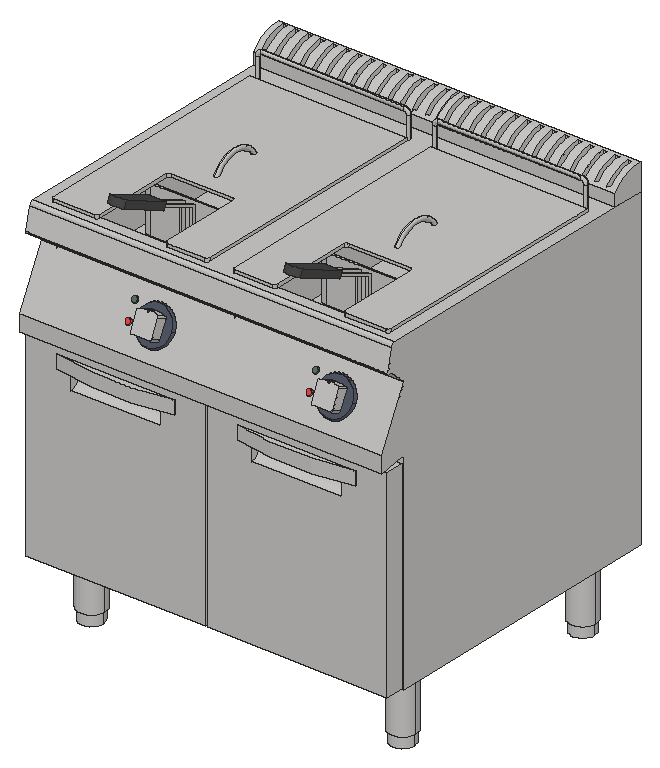
Revit family "QF_ZANUSSI_372082_Z7FREH2GF0", category Specialty Equipment, Revit 2018
Family settings
  Round Connector Dimension = Use Diameter
  Part Type = Normal
  Work Plane-Based = No
  Always vertical = Yes
  Cut with Voids When Loaded = No
  Shared = No
  Room Calculation Point = No
Parameters
  Width = 800 mm  # constant formula
  Weight in Pounds = 179  # constant formula
  Weight = 0.00 kg
  Watts = 20000 W  # constant formula
  Volts = 400 V  # constant formula
  URL Manufacturer = "http://www.zanussiprofessional.com"
  URL Cutsheet = "www.electrolux.com/foodservice"
  URL = "http://www.zanussiprofessional.com"
  Type Mark [instance] = ""
  Steam Supply Size = 0"
  Steam Supply Minimum Pressure = 0.00 psi
  Steam Supply Maximum Pressure = 0.00 psi
  Steam Pounds per Hour = 0
  Status [instance] = ""
  Specification by User [instance] = ""
  Specification by Manufacturer = ""
  Show Logo [instance] = yes
  Show Clearance [instance] = yes
  Serial Number = ""
  Seismic Rating = ""
  SMACNA No = ""
  Revision Code [instance] = ""
  Refrigeration Suction Line Size = 0"
  Refrigeration Liquid Line Size = 0"
  Refrigerant Compressor Remote = yes
  Phase = 3  # constant formula
  Omniclass Number and Title = ""
  Number of Poles [instance] = 1
  NAFEM Spec ID Number = ""
  Model = "Z7FREH2GF0"
  Min Ckt Ampacity = 0 A
  Max Overcurrent Protection = 0 A
  Masterspec = ""
  Manufacturer = "Zanussi"
  Length Actual = 800 mm  # constant formula
  Item Number [instance] = "372082"
  Installed By [instance] = ""
  Identify Quantity as Lot [instance] = yes
  Hot Water Size = 0"
  Height Actual = 850 mm  # constant formula
  Height = 333 mm  # constant formula
  HP = "26.8 HP"
  Gas Size = 0"
  Gas KW = 0
  Gas Input Pressure = 0.0 Btu/h
  Furnished By [instance] = ""
  Foodservice Equipment Identifier [instance] = yes
  FL Amps = if(Phase = 3, Watts / (Volts * 1.73), Watts / Volts)  # 28.9017 A
  Electrical Remarks [instance] = "400 V/3N ph/50/60 Hz"  # constant formula
  Electric Connection Type [instance] = ""
  Elec Conn RI Height [instance] = 0 mm
  Elec Conn Connection Height [instance] = 0 mm
  Direct Waste Size = 0"
  Description = "2X15 LITRE ELECTRIC FRYER 800 MM"
  Depth Actual = 700 mm  # constant formula
  Depth = 715 mm  # constant formula
  Cycle = if([60 Hertz Option], 60 Hz, 50 Hz)  # 60 Hz
  Conn Plug = ""
  Conn Conduit = yes
  Condensate Return Size = 0"
  Compressed Air Volume = 0 GPM
  Compressed Air Size = 0"
  Compressed Air Pressure = 0.00 psi
  Cold Water Size = 0"
  CSI MasterFormat = ""
  CSI Master Format = ""
  Base Height [instance] = 150 mm  # constant formula
  Apparent Power = if(Phase = 3, Volts * FL Amps * 1.73, Volts * FL Amps)  # 20000 VA
  Accessory = yes
  60 Hertz Option = not([50 Hertz Option])  # yes
  50 Hertz Option = no
Reference planes
  plane 1 "BACK": y = 0
  plane 2: z = 0
  plane 3 "LEFT": x = 0
  plane 4 "RIGHT": x = 800
  plane 5 "FRONT": y = -715
  plane 6 "TOP": z = 908.238
  plane 7 "Center Y": x = 400
  plane 8 "Center X": y = -357.5
  plane 9 "BASE": z = 600.238
  plane 10 "TOP A": z = 850.238
  plane 11: y = -597.884
  plane 12: y = -147.637
  plane 13: z = 938.237
  plane 14: z = 150
Forms (mm)
  Extrusion 1, solid, material "QF_Finishes_Stainless Steel"
    sketch origin (0, 0, 0) x (0, 1, 0) y (0, 0, 1)
      loop
        line (0, 850) -> (-679.358, 850)
        arc (-679.358, 850) -> (-684.643, 847.811) -> (-686.833, 842.526) r 7.474
        line (-686.833, 842.526) -> (-699.884, 797.011)
        arc (-699.884, 797.011) -> (-699.396, 794.379) -> (-697, 793.184) r 3
        line (-697, 793.184) -> (-686.802, 793.184) -> (-654.982, 761.364) -> (-715, 640.508) -> (-715, 605.508) -> (-658.645, 613.428)
        arc (-658.645, 613.428) -> (-656.101, 612.674) -> (-655, 610.259) r 3.2
        line (-655, 610.259) -> (-655, 150) -> (0, 150) -> (0, 850)
      loop
        line (-700, 600) -> (-700, 155) -> (-660, 155) -> (-660, 600) -> (-700, 600)
    from 0 to 800
  Extrusion 2, solid, material "QF_Finishes_Stainless Steel"
    sketch origin (0, 0, 0) x (0, 1, 0) y (0, 0, 1)
      loop
        line (0, 850.237) -> (0, 908.237)
        arc (0, 908.237) -> (-38.715, 900.058) -> (-69.85, 875.637) r 87.358
        line (-69.85, 875.637) -> (-69.85, 850.237) -> (0, 850.237)
    from 0 to 800
  Extrusion 3, void
    sketch origin (0, 0, 850.238) x (-1, 0, 0) y (0, -1, 0)
      loop
        line (-33.338, 147.762) -> (-33.338, 654.023) -> (-373.012, 654.023) -> (-373.012, 147.762) -> (-33.338, 147.762)
      loop
        line (-766.662, 654.023) -> (-766.662, 147.762) -> (-426.988, 147.762) -> (-426.988, 654.023) -> (-766.662, 654.023)
    from 0 to -152.4
  Extrusion 4, void
    sketch origin (0, 0, 850.238) x (-1, 0, 0) y (0, -1, 0)
      loop
        line (-13.453, 6.761) -> (-13.453, 63.911) -> (-22.749, 63.911) -> (-22.749, 6.761) -> (-13.453, 6.761)
    from 25.4 to 63.5
  Extrusion 5, solid, material "QF_Finishes_Clearance", visible <- "Show Clearance", detail levels coarse
    sketch origin (0, 0, 0) x (1, 0, 0) y (0, 1, 0)
      loop
        line (0, -715) -> (0, 0) -> (800, 0) -> (800, -715) -> (950.019, -715) -> (950.019, 150.019) -> (-150.019, 150.019) -> (-150.019, -715) -> (0, -715)
    from 0 to 908.237
  Extrusion 6, solid, material "QF_Finishes_Stainless Steel"
    sketch origin (-77.88, -4572, 850.238) x (-1, 0, 0) y (0, -1, 0)
      loop
        arc (-104.867, -3916.238) -> (-106.727, -3911.748) -> (-111.217, -3909.888) r 6.35
        line (-111.217, -3909.888) -> (-200.117, -3909.888)
        arc (-200.117, -3909.888) -> (-204.607, -3911.748) -> (-206.467, -3916.238) r 6.35
        line (-206.467, -3916.238) -> (-206.467, -4098.488)
        arc (-206.467, -4098.488) -> (-208.327, -4102.979) -> (-212.817, -4104.838) r 6.35
        line (-212.817, -4104.838) -> (-349.292, -4104.838)
        arc (-349.292, -4104.838) -> (-353.782, -4102.979) -> (-355.642, -4098.488) r 6.35
        line (-355.642, -4098.488) -> (-355.642, -3916.238)
        arc (-355.642, -3916.238) -> (-357.502, -3911.748) -> (-361.992, -3909.888) r 6.35
        line (-361.992, -3909.888) -> (-444.542, -3909.888)
        arc (-444.542, -3909.888) -> (-449.032, -3911.748) -> (-450.892, -3916.238) r 6.35
        line (-450.892, -3916.238) -> (-450.892, -4459.163) -> (-104.867, -4459.163) -> (-104.867, -3916.238)
      loop
        line (-850.892, -3916.238) -> (-850.892, -4459.163) -> (-504.867, -4459.163) -> (-504.867, -3916.238)
        arc (-504.867, -3916.238) -> (-506.727, -3911.748) -> (-511.217, -3909.888) r 6.35
        line (-511.217, -3909.888) -> (-593.767, -3909.888)
        arc (-593.767, -3909.888) -> (-598.257, -3911.748) -> (-600.117, -3916.238) r 6.35
        line (-600.117, -3916.238) -> (-600.117, -4098.488)
        arc (-600.117, -4098.488) -> (-601.977, -4102.979) -> (-606.467, -4104.838) r 6.35
        line (-606.467, -4104.838) -> (-742.942, -4104.838)
        arc (-742.942, -4104.838) -> (-747.432, -4102.979) -> (-749.292, -4098.488) r 6.35
        line (-749.292, -4098.488) -> (-749.292, -3916.238)
        arc (-749.292, -3916.238) -> (-751.152, -3911.748) -> (-755.642, -3909.888) r 6.35
        line (-755.642, -3909.888) -> (-844.542, -3909.888)
        arc (-844.542, -3909.888) -> (-849.032, -3911.748) -> (-850.892, -3916.238) r 6.35
    from 0 to 6.35
  Sweep 7, solid, material "QF_Finishes_Stainless Steel"
    path origin (0, 36.513, 0) x (1, 0, 0) y (0, 0, 1)
      loop
        line (39.688, 850.238) -> (39.688, 898.713)
        arc (39.688, 898.713) -> (41.547, 903.203) -> (46.038, 905.063) r 6.35
        line (46.038, 905.063) -> (362.669, 905.063)
        arc (362.669, 905.063) -> (367.16, 903.203) -> (369.019, 898.713) r 6.35
        line (369.019, 898.713) -> (369.019, 850.237)
    profile origin (39.688, 36.513, 874.475) x (-1, 0, 0) y (0, -1, 0)
      loop
        circle (2.09, 140.754) r 3.827
  Extrusion 8, solid, material "QF_Finishes_Black"
    sketch origin (271.462, -708.83, 942.26) x (0, 0.906308, -0.422618) y (-1, 0, 0)
      loop
        line (10.103, 47.37) -> (128.716, 47.37) -> (128.716, 84.605) -> (10.103, 84.605)
        arc (10.103, 84.605) -> (-0.124, 65.987) -> (10.103, 47.37) r 22.059
    from -15.884 to 0
  Extrusion 9, solid, material "QF_Finishes_Stainless Steel"
    sketch origin (271.463, 41.275, 0) x (0, 1, 0) y (0, 0, 1)
      loop
        line (-547.91, 741.238) -> (-547.91, 842.715) -> (-635.463, 883.542) -> (-638.147, 877.787) -> (-554.26, 838.67) -> (-554.26, 741.238) -> (-547.91, 741.238)
    from -80.476 to -74.619
  Extrusion 10, solid, material "QF_Finishes_Stainless Steel"
    sketch origin (139.588, 41.275, 0) x (0, 1, 0) y (0, 0, -1)
      loop
        line (-554.26, -838.67) -> (-638.147, -877.787) -> (-635.463, -883.542) -> (-547.91, -842.715) -> (-547.91, -741.238) -> (-554.26, -741.238) -> (-554.26, -838.67)
    from -80.476 to -74.619
  Sweep 11, solid, material "QF_Finishes_Stainless Steel"
    path origin (200.025, -0.124, 0) x (0, 1, 0) y (0, 0, 1)
      loop
        arc (-315.761, 850.238) -> (-370.2, 884.016) -> (-424.639, 850.238) r 60.757
    profile origin (200.025, -370.324, 884.016) x (0, 0, -1) y (1, 0, 0)
      loop
        circle (0, 0) r 4.353
  Sweep 12, solid, material "QF_Finishes_Stainless Steel"
    path origin (600.075, -0.124, 0) x (0, 1, 0) y (0, 0, -1)
      loop
        arc (-315.761, -850.238) -> (-370.2, -884.016) -> (-424.639, -850.238) r 60.757
    profile origin (600.075, -370.324, 884.016) x (0, 0, 1) y (-1, 0, 0)
      loop
        circle (0, 0) r 4.353
  Extrusion 13, solid, material "QF_Finishes_Black"
    sketch origin (528.637, -708.83, 942.26) x (0, 0.906308, -0.422618) y (-1, 0, 0)
      loop
        arc (10.103, -47.27) -> (-0.124, -65.887) -> (10.103, -84.505) r 22.059
        line (10.103, -84.505) -> (128.716, -84.505) -> (128.716, -47.27) -> (10.103, -47.27)
    from -15.884 to 0
  Extrusion 14, solid, material "QF_Finishes_Mesh"
    sketch origin (0, 0, 850.238) x (-1, 0, 0) y (0, -1, 0)
      loop
        arc (-116.625, 189.135) -> (-98.665, 196.575) -> (-91.225, 214.535) r 25.4
        line (-91.225, 214.535) -> (-91.225, 473.61)
        arc (-91.225, 473.61) -> (-98.665, 491.571) -> (-116.625, 499.01) r 25.4
        line (-116.625, 499.01) -> (-294.375, 499.01)
        arc (-294.375, 499.01) -> (-312.336, 491.571) -> (-319.775, 473.61) r 25.4
        line (-319.775, 473.61) -> (-319.775, 214.535)
        arc (-319.775, 214.535) -> (-312.336, 196.575) -> (-294.375, 189.135) r 25.4
        line (-294.375, 189.135) -> (-116.625, 189.135)
      loop
        arc (-116.625, 192.31) -> (-100.91, 198.82) -> (-94.4, 214.535) r 22.225
        line (-94.4, 214.535) -> (-94.4, 473.61)
        arc (-94.4, 473.61) -> (-100.91, 489.326) -> (-116.625, 495.835) r 22.225
        line (-116.625, 495.835) -> (-294.375, 495.835)
        arc (-294.375, 495.835) -> (-310.091, 489.326) -> (-316.6, 473.61) r 22.225
        line (-316.6, 473.61) -> (-316.6, 214.535)
        arc (-316.6, 214.535) -> (-310.091, 198.82) -> (-294.375, 192.31) r 22.225
        line (-294.375, 192.31) -> (-116.625, 192.31)
      loop
        line (-683.375, 189.135) -> (-505.625, 189.135)
        arc (-505.625, 189.135) -> (-487.664, 196.575) -> (-480.225, 214.535) r 25.4
        line (-480.225, 214.535) -> (-480.225, 473.61)
        arc (-480.225, 473.61) -> (-487.664, 491.571) -> (-505.625, 499.01) r 25.4
        line (-505.625, 499.01) -> (-683.375, 499.01)
        arc (-683.375, 499.01) -> (-701.335, 491.571) -> (-708.775, 473.61) r 25.4
        line (-708.775, 473.61) -> (-708.775, 214.535)
        arc (-708.775, 214.535) -> (-701.335, 196.575) -> (-683.375, 189.135) r 25.4
      loop
        line (-683.375, 192.31) -> (-505.625, 192.31)
        arc (-505.625, 192.31) -> (-489.909, 198.82) -> (-483.4, 214.535) r 22.225
        line (-483.4, 214.535) -> (-483.4, 473.61)
        arc (-483.4, 473.61) -> (-489.909, 489.326) -> (-505.625, 495.835) r 22.225
        line (-505.625, 495.835) -> (-683.375, 495.835)
        arc (-683.375, 495.835) -> (-699.09, 489.326) -> (-705.6, 473.61) r 22.225
        line (-705.6, 473.61) -> (-705.6, 214.535)
        arc (-705.6, 214.535) -> (-699.09, 198.82) -> (-683.375, 192.31) r 22.225
    from -109 to -5.315
  Extrusion 15, solid, material "QF_Finishes_Stainless Steel"
    sketch origin (528.637, 41.275, 0) x (0, 1, 0) y (0, 0, -1)
      loop
        line (-547.91, -741.238) -> (-554.26, -741.238) -> (-554.26, -838.67) -> (-638.147, -877.787) -> (-635.463, -883.542) -> (-547.91, -842.715) -> (-547.91, -741.238)
    from -80.476 to -74.619
  Extrusion 16, solid, material "QF_Finishes_Stainless Steel"
    sketch origin (660.512, 41.275, 0) x (0, 1, 0) y (0, 0, 1)
      loop
        line (-554.26, 838.67) -> (-554.26, 741.238) -> (-547.91, 741.238) -> (-547.91, 842.715) -> (-635.463, 883.542) -> (-638.147, 877.787) -> (-554.26, 838.67)
    from -80.476 to -74.619
  Sweep 17, solid, material "QF_Finishes_Stainless Steel"
    path origin (800.1, 36.513, 0) x (-1, 0, 0) y (0, 0, -1)
      loop
        line (39.788, -850.237) -> (39.788, -898.713)
        arc (39.788, -898.713) -> (41.647, -903.203) -> (46.138, -905.063) r 6.35
        line (46.138, -905.063) -> (362.769, -905.063)
        arc (362.769, -905.063) -> (367.26, -903.203) -> (369.119, -898.713) r 6.35
        line (369.119, -898.713) -> (369.119, -850.237)
    profile origin (760.312, 36.513, 874.475) x (-1, 0, 0) y (0, -1, 0)
      loop
        circle (-2.09, 140.754) r 3.827
  Extrusion 18, void
    sketch origin (361.95, 0, 850.237) x (-1, 0, 0) y (0, -1, 0)
      loop
        line (-13.403, 6.761) -> (-13.403, 63.911) -> (-22.699, 63.911) -> (-22.699, 6.761) -> (-13.403, 6.761)
    from 25.4 to 63.5
  Extrusion 19, void
    sketch origin (27.842, 0, 850.238) x (-1, 0, 0) y (0, -1, 0)
      loop
        line (-13.453, 6.761) -> (-13.453, 63.911) -> (-22.749, 63.911) -> (-22.749, 6.761) -> (-13.453, 6.761)
    from 25.4 to 63.5
  Extrusion 20, void
    sketch origin (55.685, 0, 850.238) x (-1, 0, 0) y (0, -1, 0)
      loop
        line (-13.453, 6.761) -> (-13.453, 63.911) -> (-22.749, 63.911) -> (-22.749, 6.761) -> (-13.453, 6.761)
    from 25.4 to 63.5
  Extrusion 21, void
    sketch origin (83.527, 0, 850.238) x (-1, 0, 0) y (0, -1, 0)
      loop
        line (-13.453, 6.761) -> (-13.453, 63.911) -> (-22.749, 63.911) -> (-22.749, 6.761) -> (-13.453, 6.761)
    from 25.4 to 63.5
  Extrusion 22, void
    sketch origin (111.369, 0, 850.237) x (-1, 0, 0) y (0, -1, 0)
      loop
        line (-13.453, 6.761) -> (-13.453, 63.911) -> (-22.749, 63.911) -> (-22.749, 6.761) -> (-13.453, 6.761)
    from 25.4 to 63.5
  Extrusion 23, void
    sketch origin (139.212, 0, 850.237) x (-1, 0, 0) y (0, -1, 0)
      loop
        line (-13.453, 6.761) -> (-13.453, 63.911) -> (-22.749, 63.911) -> (-22.749, 6.761) -> (-13.453, 6.761)
    from 25.4 to 63.5
  Extrusion 24, void
    sketch origin (167.054, 0, 850.237) x (-1, 0, 0) y (0, -1, 0)
      loop
        line (-13.453, 6.761) -> (-13.453, 63.911) -> (-22.749, 63.911) -> (-22.749, 6.761) -> (-13.453, 6.761)
    from 25.4 to 63.5
  Extrusion 25, void
    sketch origin (194.896, 0, 850.237) x (-1, 0, 0) y (0, -1, 0)
      loop
        line (-13.403, 6.761) -> (-13.403, 63.911) -> (-22.699, 63.911) -> (-22.699, 6.761) -> (-13.403, 6.761)
    from 25.4 to 63.5
  Extrusion 26, void
    sketch origin (222.738, 0, 850.237) x (-1, 0, 0) y (0, -1, 0)
      loop
        line (-13.403, 6.761) -> (-13.403, 63.911) -> (-22.699, 63.911) -> (-22.699, 6.761) -> (-13.403, 6.761)
    from 25.4 to 63.5
  Extrusion 27, void
    sketch origin (250.581, 0, 850.237) x (-1, 0, 0) y (0, -1, 0)
      loop
        line (-13.403, 6.761) -> (-13.403, 63.911) -> (-22.699, 63.911) -> (-22.699, 6.761) -> (-13.403, 6.761)
    from 25.4 to 63.5
  Extrusion 28, void
    sketch origin (278.423, 0, 850.237) x (-1, 0, 0) y (0, -1, 0)
      loop
        line (-13.403, 6.761) -> (-13.403, 63.911) -> (-22.699, 63.911) -> (-22.699, 6.761) -> (-13.403, 6.761)
    from 25.4 to 63.5
  Extrusion 29, void
    sketch origin (306.265, 0, 850.237) x (-1, 0, 0) y (0, -1, 0)
      loop
        line (-13.403, 6.761) -> (-13.403, 63.911) -> (-22.699, 63.911) -> (-22.699, 6.761) -> (-13.403, 6.761)
    from 25.4 to 63.5
  Extrusion 30, void
    sketch origin (334.108, 0, 850.237) x (-1, 0, 0) y (0, -1, 0)
      loop
        line (-13.403, 6.761) -> (-13.403, 63.911) -> (-22.699, 63.911) -> (-22.699, 6.761) -> (-13.403, 6.761)
    from 25.4 to 63.5
  Extrusion 31, void
    sketch origin (800.1, 0, 850.237) x (1, 0, 0) y (0, 1, 0)
      loop
        line (-13.553, -6.761) -> (-22.849, -6.761) -> (-22.849, -63.911) -> (-13.553, -63.911) -> (-13.553, -6.761)
    from 25.4 to 63.5
  Extrusion 32, void
    sketch origin (438.15, 0, 850.237) x (1, 0, 0) y (0, 1, 0)
      loop
        line (-13.503, -6.761) -> (-22.799, -6.761) -> (-22.799, -63.911) -> (-13.503, -63.911) -> (-13.503, -6.761)
    from 25.4 to 63.5
  Extrusion 33, void
    sketch origin (772.258, 0, 850.237) x (1, 0, 0) y (0, 1, 0)
      loop
        line (-13.553, -6.761) -> (-22.849, -6.761) -> (-22.849, -63.911) -> (-13.553, -63.911) -> (-13.553, -6.761)
    from 25.4 to 63.5
  Extrusion 34, void
    sketch origin (744.415, 0, 850.237) x (1, 0, 0) y (0, 1, 0)
      loop
        line (-13.553, -6.761) -> (-22.849, -6.761) -> (-22.849, -63.911) -> (-13.553, -63.911) -> (-13.553, -6.761)
    from 25.4 to 63.5
  Extrusion 35, void
    sketch origin (716.573, 0, 850.237) x (1, 0, 0) y (0, 1, 0)
      loop
        line (-13.553, -6.761) -> (-22.849, -6.761) -> (-22.849, -63.911) -> (-13.553, -63.911) -> (-13.553, -6.761)
    from 25.4 to 63.5
  Extrusion 36, void
    sketch origin (688.731, 0, 850.237) x (1, 0, 0) y (0, 1, 0)
      loop
        line (-13.553, -6.761) -> (-22.849, -6.761) -> (-22.849, -63.911) -> (-13.553, -63.911) -> (-13.553, -6.761)
    from 25.4 to 63.5
  Extrusion 37, void
    sketch origin (660.888, 0, 850.237) x (1, 0, 0) y (0, 1, 0)
      loop
        line (-13.553, -6.761) -> (-22.849, -6.761) -> (-22.849, -63.911) -> (-13.553, -63.911) -> (-13.553, -6.761)
    from 25.4 to 63.5
  Extrusion 38, void
    sketch origin (633.046, 0, 850.237) x (1, 0, 0) y (0, 1, 0)
      loop
        line (-13.553, -6.761) -> (-22.849, -6.761) -> (-22.849, -63.911) -> (-13.553, -63.911) -> (-13.553, -6.761)
    from 25.4 to 63.5
  Extrusion 39, void
    sketch origin (605.204, 0, 850.237) x (1, 0, 0) y (0, 1, 0)
      loop
        line (-13.503, -6.761) -> (-22.799, -6.761) -> (-22.799, -63.911) -> (-13.503, -63.911) -> (-13.503, -6.761)
    from 25.4 to 63.5
  Extrusion 40, void
    sketch origin (577.362, 0, 850.237) x (1, 0, 0) y (0, 1, 0)
      loop
        line (-13.503, -6.761) -> (-22.799, -6.761) -> (-22.799, -63.911) -> (-13.503, -63.911) -> (-13.503, -6.761)
    from 25.4 to 63.5
  Extrusion 41, void
    sketch origin (549.519, 0, 850.237) x (1, 0, 0) y (0, 1, 0)
      loop
        line (-13.503, -6.761) -> (-22.799, -6.761) -> (-22.799, -63.911) -> (-13.503, -63.911) -> (-13.503, -6.761)
    from 25.4 to 63.5
  Extrusion 42, void
    sketch origin (521.677, 0, 850.237) x (1, 0, 0) y (0, 1, 0)
      loop
        line (-13.503, -6.761) -> (-22.799, -6.761) -> (-22.799, -63.911) -> (-13.503, -63.911) -> (-13.503, -6.761)
    from 25.4 to 63.5
  Extrusion 43, void
    sketch origin (493.835, 0, 850.237) x (1, 0, 0) y (0, 1, 0)
      loop
        line (-13.503, -6.761) -> (-22.799, -6.761) -> (-22.799, -63.911) -> (-13.503, -63.911) -> (-13.503, -6.761)
    from 25.4 to 63.5
  Extrusion 44, void
    sketch origin (465.992, 0, 850.237) x (1, 0, 0) y (0, 1, 0)
      loop
        line (-13.503, -6.761) -> (-22.799, -6.761) -> (-22.799, -63.911) -> (-13.503, -63.911) -> (-13.503, -6.761)
    from 25.4 to 63.5
  Extrusion 45, void
    sketch origin (418.151, 0, 850.237) x (1, 0, 0) y (0, 1, 0)
      loop
        line (-16.563, 0) -> (-19.738, 0) -> (-19.738, -69.85) -> (-16.563, -69.85) -> (-16.563, 0)
    from 25.4 to 63.5
  Revolve 46, solid, material "QF_Finishes_Stainless Steel"
    sketch origin (0, -587.387, 608.09) x (0, 0, 1) y (-1, 0, 0)
      loop
        line (-608.09, -56) -> (-458.09, -56) -> (-458.09, -26) -> (-583.09, -26) -> (-583.09, -29.75) -> (-608.09, -29.75) -> (-608.09, -56)
      axis (-608.09, -56) -> (-458.09, -56)
    angle from 0 to 360
  Revolve 47, solid, material "QF_Finishes_Stainless Steel"
    sketch origin (0, -90, 608.09) x (0, 0, 1) y (-1, 0, 0)
      loop
        line (-608.09, -56) -> (-458.09, -56) -> (-458.09, -26) -> (-583.09, -26) -> (-583.09, -29.75) -> (-608.09, -29.75) -> (-608.09, -56)
      axis (-608.09, -56) -> (-458.09, -56)
    angle from 0 to 360
  Revolve 48, solid, material "QF_Finishes_Stainless Steel"
    sketch origin (800.1, -587.387, 608.09) x (0, 0, 1) y (-1, 0, 0)
      loop
        line (-608.09, 56.1) -> (-608.09, 29.85) -> (-583.09, 29.85) -> (-583.09, 26.1) -> (-458.09, 26.1) -> (-458.09, 56.1) -> (-608.09, 56.1)
      axis (-608.09, 56.1) -> (-458.09, 56.1)
    angle from 0 to 360
  Revolve 49, solid, material "QF_Finishes_Stainless Steel"
    sketch origin (800.1, -90, 608.09) x (0, 0, 1) y (-1, 0, 0)
      loop
        line (-608.09, 56.1) -> (-608.09, 29.85) -> (-583.09, 29.85) -> (-583.09, 26.1) -> (-458.09, 26.1) -> (-458.09, 56.1) -> (-608.09, 56.1)
      axis (-608.09, 56.1) -> (-458.09, 56.1)
    angle from 0 to 360
  Extrusion 50, solid, material "QF_Finishes_Stainless Steel"
    sketch origin (-77.88, -4572, 600.238) x (-1, 0, 0) y (0, -1, 0)
      loop
        circle (-837.88, -4044) r 12.7
    from 0 to -12.7
  Extrusion 51, void
    sketch origin (200, -27.863, 0) x (0, 1, 0) y (0, 0, 1)
      loop
        line (-672.137, 567) -> (-672.137, 517)
        arc (-672.137, 517) -> (-656.47, 524.721) -> (-650.137, 541) r 24.091
        line (-650.137, 541) -> (-650.137, 567) -> (-672.137, 567)
    from -100 to 100
  Extrusion 52, solid, material "QF_Finishes_Stainless Steel"
    sketch origin (-77.88, -4572, 150) x (-1, 0, 0) y (0, -1, 0)
      loop
        arc (-147.606, -3871.085) -> (-277.88, -3857) -> (-408.153, -3871.085) r 609.497
        line (-408.153, -3871.085) -> (-408.153, -3872) -> (-147.606, -3872) -> (-147.606, -3871.085)
    from 400 to 430
  Extrusion 53, void
    sketch origin (600, -27.863, 0) x (0, 1, 0) y (0, 0, 1)
      loop
        line (-672.137, 567) -> (-672.137, 517)
        arc (-672.137, 517) -> (-656.47, 524.721) -> (-650.137, 541) r 24.091
        line (-650.137, 541) -> (-650.137, 567) -> (-672.137, 567)
    from -100 to 100
  Extrusion 54, solid, material "QF_Finishes_Stainless Steel"
    sketch origin (322.12, -4572, 150) x (-1, 0, 0) y (0, -1, 0)
      loop
        arc (-147.606, -3871.085) -> (-277.88, -3857) -> (-408.153, -3871.085) r 609.497
        line (-408.153, -3871.085) -> (-408.153, -3872) -> (-147.606, -3872) -> (-147.606, -3871.085)
    from 400 to 430
  Extrusion 55, solid, material "QF_Finishes_Door Clearance", visible <- "Show Clearance", detail levels coarse
    sketch origin (0, 0, 850) x (-1, 0, 0) y (0, -1, 0)
      loop
        arc (0, 1073) -> (-280.596, 964.46) -> (-397.87, 687.4) r 385.701
        line (-397.87, 687.4) -> (0, 687.4) -> (0, 1073)
      loop
        line (-800, 1073) -> (-800, 687.4) -> (-402.13, 687.4)
        arc (-402.13, 687.4) -> (-519.404, 964.46) -> (-800, 1073) r 385.701
    from -695 to -250
  Extrusion 56, void
    sketch origin (0, -660.4, 150) x (0, 0, 1) y (-1, 0, 0)
      loop
        line (450, -397.87) -> (5, -397.87) -> (5, -402.13) -> (450, -402.13) -> (450, -397.87)
    from -0.4 to 39.6
  Blend 57, solid, material "QF_Finishes_Navy Blue"
    base sketch origin (675, -684.991, 700.936) x (1, 0, 0) y (0, 0.444781, 0.895639)
      loop
        circle (0, 0) r 42.5
    top sketch origin (675, -684.991, 700.936) x (1, 0, 0) y (0, 0.444781, 0.895639)
      loop
        circle (0, 0) r 40.5
    from 0 to 5
  Extrusion 58, solid, material "QF_Finishes_Stainless Steel"
    sketch origin (675, -684.991, 700.936) x (1, 0, 0) y (0, 0.444781, 0.895639)
      loop
        arc (-21.147, 22.789) -> (-22.494, 21.685) -> (-23, 20.019) r 2.997
        line (-23, 20.019) -> (-23, -20.019)
        arc (-23, -20.019) -> (-22.122, -22.138) -> (-20.003, -23.016) r 2.997
        line (-20.003, -23.016) -> (20.003, -23.016)
        arc (20.003, -23.016) -> (22.122, -22.138) -> (23, -20.019) r 2.997
        line (23, -20.019) -> (23, 20.019)
        arc (23, 20.019) -> (22.494, 21.685) -> (21.147, 22.789) r 2.997
        arc (21.147, 22.789) -> (0, 26.984) -> (-21.147, 22.789) r 55.4
    from 10 to 34
  Extrusion 59, solid, material "QF_Finishes_Stainless Steel"
    sketch origin (675, -684.991, 700.936) x (1, 0, 0) y (0, 0.444781, 0.895639)
      loop
        line (17.5, 17.5) -> (-17.5, 17.5) -> (-17.5, -17.5) -> (17.5, -17.5) -> (17.5, 17.5)
    from 5 to 10
  Extrusion 60, solid, material "QF_Plastic-Black-Matte"
    sketch origin (595, -684.991, 700.936) x (0, 0.444781, 0.895639) y (0, 0.895639, -0.444781)
      loop
        line (26.984, -34) -> (23.984, -34) -> (23.984, -35) -> (26.984, -35)
        arc (26.984, -35) -> (27.691, -34.707) -> (27.984, -34) r 1
        line (27.984, -34) -> (27.984, -19) -> (26.984, -19) -> (26.984, -34)
    from -81 to -79
  Extrusion 61, solid, material "QF_Finishes_Red"
    sketch origin (675, -689.439, 691.98) x (1, 0, 0) y (0, 0.444781, 0.895639)
      loop
        circle (-55.001, 0) r 6
    from 0 to 1.6
  Extrusion 62, solid, material "QF_Finishes_DarkGreen"
    sketch origin (675, -671.648, 727.805) x (1, 0, 0) y (0, 0.444781, 0.895639)
      loop
        circle (-55.001, 0) r 6
    from 0 to 1.6
  Blend 63, solid, material "QF_Finishes_Navy Blue"
    base sketch origin (275, -684.991, 700.936) x (1, 0, 0) y (0, 0.444781, 0.895639)
      loop
        circle (0, 0) r 42.5
    top sketch origin (275, -684.991, 700.936) x (1, 0, 0) y (0, 0.444781, 0.895639)
      loop
        circle (0, 0) r 40.5
    from 0 to 5
  Extrusion 64, solid, material "QF_Finishes_Stainless Steel"
    sketch origin (275, -684.991, 700.936) x (1, 0, 0) y (0, 0.444781, 0.895639)
      loop
        arc (-21.147, 22.789) -> (-22.494, 21.685) -> (-23, 20.019) r 2.997
        line (-23, 20.019) -> (-23, -20.019)
        arc (-23, -20.019) -> (-22.122, -22.138) -> (-20.003, -23.016) r 2.997
        line (-20.003, -23.016) -> (20.003, -23.016)
        arc (20.003, -23.016) -> (22.122, -22.138) -> (23, -20.019) r 2.997
        line (23, -20.019) -> (23, 20.019)
        arc (23, 20.019) -> (22.494, 21.685) -> (21.147, 22.789) r 2.997
        arc (21.147, 22.789) -> (0, 26.984) -> (-21.147, 22.789) r 55.4
    from 10 to 34
  Extrusion 65, solid, material "QF_Finishes_Stainless Steel"
    sketch origin (275, -684.991, 700.936) x (1, 0, 0) y (0, 0.444781, 0.895639)
      loop
        line (17.5, 17.5) -> (-17.5, 17.5) -> (-17.5, -17.5) -> (17.5, -17.5) -> (17.5, 17.5)
    from 5 to 10
  Extrusion 66, solid, material "QF_Plastic-Black-Matte"
    sketch origin (195, -684.991, 700.936) x (0, 0.444781, 0.895639) y (0, 0.895639, -0.444781)
      loop
        line (26.984, -34) -> (23.984, -34) -> (23.984, -35) -> (26.984, -35)
        arc (26.984, -35) -> (27.691, -34.707) -> (27.984, -34) r 1
        line (27.984, -34) -> (27.984, -19) -> (26.984, -19) -> (26.984, -34)
    from -81 to -79
  Extrusion 67, solid, material "QF_Finishes_Red"
    sketch origin (275, -689.439, 691.98) x (1, 0, 0) y (0, 0.444781, 0.895639)
      loop
        circle (-55.001, 0) r 6
    from 0 to 1.6
  Extrusion 68, solid, material "QF_Finishes_DarkGreen"
    sketch origin (275, -671.648, 727.805) x (1, 0, 0) y (0, 0.444781, 0.895639)
      loop
        circle (-55.001, 0) r 6
    from 0 to 1.6
Cuts and joins
  Extrusion 3, Extrusion 4, Extrusion 51, Extrusion 53, Extrusion 56 cuts Extrusion 1
  Extrusion 4, Extrusion 18, Extrusion 19, Extrusion 20, Extrusion 21, Extrusion 22, Extrusion 23, Extrusion 24, Extrusion 25, Extrusion 26, Extrusion 27, Extrusion 28, Extrusion 29, Extrusion 30, Extrusion 31, Extrusion 32, Extrusion 33, Extrusion 34, Extrusion 35, Extrusion 36, Extrusion 37, Extrusion 38, Extrusion 39, Extrusion 40, Extrusion 41, Extrusion 42, Extrusion 43, Extrusion 44, Extrusion 45 cuts Extrusion 2
  joined: Extrusion 6, Sweep 11, Sweep 12
  Extrusion 18, Extrusion 19, Extrusion 20, Extrusion 21, Extrusion 22, Extrusion 23, Extrusion 24, Extrusion 25, Extrusion 26, Extrusion 27, Extrusion 28, Extrusion 29, Extrusion 30, Extrusion 31, Extrusion 32, Extrusion 33, Extrusion 34, Extrusion 35, Extrusion 36, Extrusion 37, Extrusion 38, Extrusion 39, Extrusion 40, Extrusion 41, Extrusion 42, Extrusion 43, Extrusion 44, Extrusion 45 cuts Extrusion 5
  Extrusion 56 cuts Extrusion 55
Lines and regions (mm)
  Split face 1
    outline origin (676.664, -684.796, 712.57) x (1, 0, 0) y (0, 0.444781, 0.895639)
      loop
        circle (-34, 0) r 1.5
  Split face 2
    outline origin (673.297, -687.581, 706.962) x (1, 0, 0) y (0, 0.444781, 0.895639)
      loop
        circle (-30.633, -14.752) r 1.5
  Split face 3
    outline origin (676.214, -689.88, 702.332) x (1, 0, 0) y (0, 0.444781, 0.895639)
      loop
        circle (-21.199, -26.582) r 1.5
  Split face 4
    outline origin (682.566, -689.848, 702.397) x (1, 0, 0) y (0, 0.444781, 0.895639)
      loop
        circle (-7.566, -33.148) r 1.5
  Split face 5
    outline origin (687.419, -686.96, 708.212) x (1, 0, 0) y (0, 0.444781, 0.895639)
      loop
        circle (7.566, -33.148) r 1.5
  Split face 6
    outline origin (686.137, -682.319, 717.558) x (1, 0, 0) y (0, 0.444781, 0.895639)
      loop
        circle (21.199, -26.582) r 1.5
  Split face 7
    outline origin (676.703, -678.235, 725.783) x (1, 0, 0) y (0, 0.444781, 0.895639)
      loop
        circle (30.633, -14.752) r 1.5
  Split face 8
    outline origin (660.985, -677.235, 727.796) x (1, 0, 0) y (0, 0.444781, 0.895639)
      loop
        circle (34, 0) r 1.5
  Split face 9
    outline origin (675, -689.469, 703.16) x (1, 0, 0) y (0, 0.444781, 0.895639)
      loop
        circle (0, 34) r 1.5
  Split face 10
    outline origin (276.664, -684.796, 712.57) x (1, 0, 0) y (0, 0.444781, 0.895639)
      loop
        circle (-34, 0) r 1.5
  Split face 11
    outline origin (273.297, -687.581, 706.962) x (1, 0, 0) y (0, 0.444781, 0.895639)
      loop
        circle (-30.633, -14.752) r 1.5
  Split face 12
    outline origin (276.214, -689.88, 702.332) x (1, 0, 0) y (0, 0.444781, 0.895639)
      loop
        circle (-21.199, -26.582) r 1.5
  Split face 13
    outline origin (282.566, -689.848, 702.397) x (1, 0, 0) y (0, 0.444781, 0.895639)
      loop
        circle (-7.566, -33.148) r 1.5
  Split face 14
    outline origin (287.419, -686.96, 708.212) x (1, 0, 0) y (0, 0.444781, 0.895639)
      loop
        circle (7.566, -33.148) r 1.5
  Split face 15
    outline origin (286.137, -682.319, 717.558) x (1, 0, 0) y (0, 0.444781, 0.895639)
      loop
        circle (21.199, -26.582) r 1.5
  Split face 16
    outline origin (276.703, -678.235, 725.783) x (1, 0, 0) y (0, 0.444781, 0.895639)
      loop
        circle (30.633, -14.752) r 1.5
  Split face 17
    outline origin (260.985, -677.235, 727.796) x (1, 0, 0) y (0, 0.444781, 0.895639)
      loop
        circle (34, 0) r 1.5
  Split face 18
    outline origin (275, -689.469, 703.16) x (1, 0, 0) y (0, 0.444781, 0.895639)
      loop
        circle (0, 34) r 1.5
  symbolic lines, style "QF-Clearances", visible <- "Show Clearance", detail levels coarse
    curve 1: line (-150.019, 150.019, 850.238) -> (-150.019, -716.377, 850.238)
    curve 2: line (950.019, 150.019, 850.237) -> (-150.019, 150.019, 850.238)
    curve 3: line (950.019, -716.377, 850.237) -> (950.019, 150.019, 850.237)
  symbolic lines
    curve 4: line (0, 0, 850.238) -> (800, 0, 850.237)
    curve 5: line (0, -715, 850.238) -> (0, 0, 850.238)
    curve 6: line (800, 0, 850.237) -> (800, -715, 850.237)
    curve 7: line (22.699, -6.761, 850.238) -> (22.699, -63.911, 850.238)
    curve 8: line (13.403, -63.911, 850.238) -> (13.403, -6.761, 850.238)
    curve 9: line (13.403, -6.761, 850.238) -> (22.699, -6.761, 850.238)
    curve 10: line (26.988, -112.837, 850.238) -> (26.988, -655.762, 850.238)
    curve 11: arc (26.988, -655.762, 850.238) -> (28.847, -660.252, 850.238) -> (33.338, -662.112, 850.238) r 6.35
    curve 12: line (33.338, -662.112, 850.238) -> (122.188, -662.112, 850.237)
    curve 13: arc (122.188, -662.112, 850.237) -> (126.678, -660.252, 850.237) -> (128.538, -655.762, 850.237) r 6.35
    curve 14: line (128.538, -655.762, 850.237) -> (128.538, -473.512, 850.237)
    curve 15: arc (128.538, -473.512, 850.237) -> (130.397, -469.021, 850.237) -> (134.888, -467.162, 850.237) r 6.35
    curve 16: line (134.888, -467.162, 850.237) -> (271.412, -467.162, 850.237)
    curve 17: arc (271.412, -467.162, 850.237) -> (275.903, -469.021, 850.237) -> (277.762, -473.512, 850.237) r 6.35
    curve 18: line (277.762, -473.512, 850.237) -> (277.762, -655.762, 850.237)
    curve 19: arc (277.762, -655.762, 850.237) -> (279.622, -660.252, 850.237) -> (284.112, -662.112, 850.237) r 6.35
    curve 20: line (284.112, -662.112, 850.237) -> (366.662, -662.112, 850.237)
    curve 21: arc (366.662, -662.112, 850.237) -> (371.153, -660.252, 850.237) -> (373.012, -655.762, 850.237) r 6.35
    curve 22: line (373.012, -655.762, 850.237) -> (373.012, -112.837, 850.237)
    curve 23: line (373.012, -112.837, 850.237) -> (26.988, -112.837, 850.238)
    curve 24: line (0, -69.85, 850.238) -> (398.413, -69.85, 850.237)
    curve 25: line (224.093, -706.386, 850.237) -> (224.093, -592.174, 850.237)
    curve 26: line (224.093, -592.174, 850.237) -> (186.858, -592.174, 850.237)
    curve 27: line (186.858, -592.174, 850.237) -> (186.858, -706.386, 850.237)
    curve 28: spline (224.093, -706.386, 850.237) -> (221.86, -709.048, 850.237) -> (219.17, -711.336, 850.237) -> (216.096, -713.185, 850.237) -> (212.725, -714.544, 850.237) -> (209.152, -715.375, 850.237) -> (205.475, -715.655, 850.237) -> (201.799, -715.375, 850.237) -> (198.225, -714.544, 850.237) -> (194.855, -713.185, 850.237) -> (191.781, -711.336, 850.237) -> (189.09, -709.048, 850.237) -> (186.858, -706.386, 850.237)
    curve 29: line (128.538, -655.762, 850.237) -> (186.858, -655.762, 850.237)
    curve 30: line (224.093, -655.762, 850.237) -> (277.762, -655.762, 850.237)
    curve 31: line (196.794, -499.01, 850.237) -> (196.794, -592.174, 850.237)
    curve 32: line (190.937, -592.174, 850.237) -> (190.937, -499.01, 850.237)
    curve 33: line (220.014, -499.01, 850.237) -> (220.014, -592.174, 850.237)
    curve 34: line (214.157, -592.174, 850.237) -> (214.157, -499.01, 850.237)
    curve 35: spline (186.858, -699.673, 850.237) -> (189.09, -702.336, 850.237) -> (191.781, -704.623, 850.237) -> (194.855, -706.473, 850.237) -> (198.225, -707.832, 850.237) -> (201.799, -708.663, 850.237) -> (205.475, -708.942, 850.237) -> (209.152, -708.663, 850.237) -> (212.725, -707.832, 850.237) -> (216.096, -706.473, 850.237) -> (219.17, -704.623, 850.237) -> (221.86, -702.336, 850.237) -> (224.093, -699.673, 850.237)
    curve 36: line (195.52, -420.932, 850.237) -> (195.52, -319.469, 850.237)
    curve 37: line (204.418, -319.469, 850.237) -> (204.418, -420.932, 850.237)
    curve 38: arc (195.52, -420.932, 850.237) -> (199.969, -425.382, 850.237) -> (204.418, -420.932, 850.237) r 4.449
    curve 39: arc (195.52, -319.469, 850.237) -> (199.969, -315.02, 850.237) -> (204.418, -319.469, 850.237) r 4.449
    curve 40: line (128.538, -495.835, 850.237) -> (277.762, -495.835, 850.237)
    curve 41: line (128.538, -499.01, 850.237) -> (277.762, -499.01, 850.237)
    curve 42: line (773.013, -112.837, 850.237) -> (773.013, -655.762, 850.237)
    curve 43: arc (773.013, -655.762, 850.237) -> (771.153, -660.252, 850.237) -> (766.663, -662.112, 850.237) r 6.35
    curve 44: line (766.663, -662.112, 850.237) -> (677.763, -662.112, 850.237)
    curve 45: arc (677.763, -662.112, 850.237) -> (673.272, -660.252, 850.237) -> (671.413, -655.762, 850.237) r 6.35
    curve 46: line (671.413, -655.762, 850.237) -> (671.413, -473.512, 850.237)
    curve 47: arc (671.413, -473.512, 850.237) -> (669.553, -469.021, 850.237) -> (665.063, -467.162, 850.237) r 6.35
    curve 48: line (665.063, -467.162, 850.237) -> (528.538, -467.162, 850.237)
    curve 49: arc (528.538, -467.162, 850.237) -> (524.047, -469.021, 850.237) -> (522.188, -473.512, 850.237) r 6.35
    curve 50: line (522.188, -473.512, 850.237) -> (522.188, -655.762, 850.237)
    curve 51: arc (522.188, -655.762, 850.237) -> (520.328, -660.252, 850.237) -> (515.838, -662.112, 850.237) r 6.35
    curve 52: line (515.838, -662.112, 850.237) -> (433.338, -662.112, 850.237)
    curve 53: arc (433.338, -662.112, 850.237) -> (428.847, -660.252, 850.237) -> (426.988, -655.762, 850.237) r 6.35
    curve 54: line (426.988, -655.762, 850.237) -> (426.988, -112.837, 850.237)
    curve 55: line (426.988, -112.837, 850.237) -> (773.013, -112.837, 850.237)
    curve 56: line (575.857, -706.386, 850.237) -> (575.857, -592.174, 850.237)
    curve 57: line (575.857, -592.174, 850.237) -> (613.092, -592.174, 850.237)
    curve 58: line (613.092, -592.174, 850.237) -> (613.092, -706.386, 850.237)
    curve 59: spline (575.857, -706.386, 850.237) -> (576.723, -707.531, 850.237) -> (577.675, -708.62, 850.237) -> (578.708, -709.645, 850.237) -> (579.817, -710.603, 850.237) -> (580.996, -711.489, 850.237) -> (582.241, -712.299, 850.237) -> (583.545, -713.028, 850.237) -> (584.901, -713.674, 850.237) -> (586.303, -714.233, 850.237) -> (587.745, -714.702, 850.237) -> (589.22, -715.079, 850.237) -> (590.719, -715.363, 850.237)
    curve 60: line (671.413, -655.762, 850.237) -> (613.092, -655.762, 850.237)
    curve 61: line (575.857, -655.762, 850.237) -> (522.188, -655.762, 850.237)
    curve 62: line (603.156, -499.01, 850.237) -> (603.156, -592.174, 850.237)
    curve 63: line (609.013, -592.174, 850.237) -> (609.013, -499.01, 850.237)
    curve 64: line (579.936, -499.01, 850.237) -> (579.936, -592.174, 850.237)
    curve 65: line (585.793, -592.174, 850.237) -> (585.793, -499.01, 850.237)
    curve 66: spline (613.092, -699.673, 850.237) -> (610.86, -702.336, 850.237) -> (608.169, -704.623, 850.237) -> (605.095, -706.473, 850.237) -> (601.725, -707.832, 850.237) -> (598.151, -708.663, 850.237) -> (594.475, -708.942, 850.237) -> (590.798, -708.663, 850.237) -> (587.225, -707.832, 850.237) -> (583.854, -706.473, 850.237) -> (580.78, -704.623, 850.237) -> (578.09, -702.336, 850.237) -> (575.857, -699.673, 850.237)
    curve 67: line (604.43, -420.932, 850.237) -> (604.43, -319.469, 850.237)
    curve 68: line (595.532, -319.469, 850.237) -> (595.532, -420.932, 850.237)
    curve 69: arc (604.43, -420.932, 850.237) -> (599.981, -425.382, 850.237) -> (595.532, -420.932, 850.237) r 4.449
    curve 70: arc (604.43, -319.469, 850.237) -> (599.981, -315.02, 850.237) -> (595.532, -319.469, 850.237) r 4.449
    curve 71: line (671.413, -495.835, 850.237) -> (522.188, -495.835, 850.237)
    curve 72: line (671.413, -499.01, 850.237) -> (522.188, -499.01, 850.237)
    curve 73: line (37.598, -100.414, 850.238) -> (371.109, -100.414, 850.237)
    curve 74: line (37.598, -108.069, 850.238) -> (37.598, -100.414, 850.238)
    curve 75: line (371.109, -108.069, 850.237) -> (37.598, -108.069, 850.238)
    curve 76: line (371.109, -100.414, 850.237) -> (371.109, -108.069, 850.237)
    curve 77: line (428.891, -100.414, 850.237) -> (762.402, -100.414, 850.237)
    curve 78: line (428.891, -108.069, 850.237) -> (428.891, -100.414, 850.237)
    curve 79: line (762.402, -108.069, 850.237) -> (428.891, -108.069, 850.237)
    curve 80: line (762.402, -100.414, 850.237) -> (762.402, -108.069, 850.237)
    curve 81: line (384.649, -6.761, 850.237) -> (384.649, -63.911, 850.237)
    curve 82: line (375.353, -63.911, 850.237) -> (375.353, -6.761, 850.237)
    curve 83: line (375.353, -6.761, 850.237) -> (384.649, -6.761, 850.237)
    curve 84: line (50.541, -6.761, 850.238) -> (50.541, -63.911, 850.238)
    curve 85: line (41.245, -63.911, 850.238) -> (41.245, -6.761, 850.238)
    curve 86: line (41.245, -6.761, 850.238) -> (50.541, -6.761, 850.238)
    curve 87: line (78.383, -6.761, 850.238) -> (78.383, -63.911, 850.238)
    curve 88: line (69.087, -63.911, 850.238) -> (69.087, -6.761, 850.238)
    curve 89: line (69.087, -6.761, 850.238) -> (78.383, -6.761, 850.238)
    curve 90: line (106.225, -6.761, 850.237) -> (106.225, -63.911, 850.237)
    curve 91: line (96.93, -63.911, 850.238) -> (96.93, -6.761, 850.238)
    curve 92: line (96.93, -6.761, 850.238) -> (106.225, -6.761, 850.237)
    curve 93: line (134.068, -6.761, 850.237) -> (134.068, -63.911, 850.237)
    curve 94: line (124.772, -63.911, 850.237) -> (124.772, -6.761, 850.237)
    curve 95: line (124.772, -6.761, 850.237) -> (134.068, -6.761, 850.237)
    curve 96: line (161.91, -6.761, 850.237) -> (161.91, -63.911, 850.237)
    curve 97: line (152.614, -63.911, 850.237) -> (152.614, -6.761, 850.237)
    curve 98: line (152.614, -6.761, 850.237) -> (161.91, -6.761, 850.237)
    curve 99: line (189.752, -6.761, 850.237) -> (189.752, -63.911, 850.237)
    curve 100: line (180.457, -63.911, 850.237) -> (180.457, -6.761, 850.237)
    curve 101: line (180.457, -6.761, 850.237) -> (189.752, -6.761, 850.237)
    curve 102: line (217.595, -6.761, 850.237) -> (217.595, -63.911, 850.237)
    curve 103: line (208.299, -63.911, 850.237) -> (208.299, -6.761, 850.237)
    curve 104: line (208.299, -6.761, 850.237) -> (217.595, -6.761, 850.237)
    curve 105: line (245.437, -6.761, 850.237) -> (245.437, -63.911, 850.237)
    curve 106: line (236.141, -63.911, 850.237) -> (236.141, -6.761, 850.237)
    curve 107: line (236.141, -6.761, 850.237) -> (245.437, -6.761, 850.237)
    curve 108: line (273.279, -6.761, 850.237) -> (273.279, -63.911, 850.237)
    curve 109: line (263.984, -63.911, 850.237) -> (263.984, -6.761, 850.237)
    curve 110: line (263.984, -6.761, 850.237) -> (273.279, -6.761, 850.237)
    curve 111: line (301.122, -6.761, 850.237) -> (301.122, -63.911, 850.237)
    curve 112: line (291.826, -63.911, 850.237) -> (291.826, -6.761, 850.237)
    curve 113: line (291.826, -6.761, 850.237) -> (301.122, -6.761, 850.237)
    curve 114: line (328.964, -6.761, 850.237) -> (328.964, -63.911, 850.237)
    curve 115: line (319.668, -63.911, 850.237) -> (319.668, -6.761, 850.237)
    curve 116: line (319.668, -6.761, 850.237) -> (328.964, -6.761, 850.237)
    curve 117: line (356.806, -6.761, 850.237) -> (356.806, -63.911, 850.237)
    curve 118: line (347.511, -63.911, 850.237) -> (347.511, -6.761, 850.237)
    curve 119: line (347.511, -6.761, 850.237) -> (356.806, -6.761, 850.237)
    curve 120: line (777.251, -6.761, 850.237) -> (777.251, -63.911, 850.237)
    curve 121: line (786.547, -63.911, 850.237) -> (786.547, -6.761, 850.237)
    curve 122: line (786.547, -6.761, 850.237) -> (777.251, -6.761, 850.237)
    curve 123: line (415.301, -6.761, 850.237) -> (415.301, -63.911, 850.237)
    curve 124: line (424.597, -63.911, 850.237) -> (424.597, -6.761, 850.237)
    curve 125: line (424.597, -6.761, 850.237) -> (415.301, -6.761, 850.237)
    curve 126: line (749.409, -6.761, 850.237) -> (749.409, -63.911, 850.237)
    curve 127: line (758.705, -63.911, 850.237) -> (758.705, -6.761, 850.237)
    curve 128: line (758.705, -6.761, 850.237) -> (749.409, -6.761, 850.237)
    curve 129: line (721.567, -6.761, 850.237) -> (721.567, -63.911, 850.237)
    curve 130: line (730.863, -63.911, 850.237) -> (730.863, -6.761, 850.237)
    curve 131: line (730.863, -6.761, 850.237) -> (721.567, -6.761, 850.237)
    curve 132: line (693.725, -6.761, 850.237) -> (693.725, -63.911, 850.237)
    curve 133: line (703.02, -63.911, 850.237) -> (703.02, -6.761, 850.237)
    curve 134: line (703.02, -6.761, 850.237) -> (693.725, -6.761, 850.237)
    curve 135: line (665.882, -6.761, 850.237) -> (665.882, -63.911, 850.237)
    curve 136: line (675.178, -63.911, 850.237) -> (675.178, -6.761, 850.237)
    curve 137: line (675.178, -6.761, 850.237) -> (665.882, -6.761, 850.237)
    curve 138: line (638.04, -6.761, 850.237) -> (638.04, -63.911, 850.237)
    curve 139: line (647.336, -63.911, 850.237) -> (647.336, -6.761, 850.237)
    curve 140: line (647.336, -6.761, 850.237) -> (638.04, -6.761, 850.237)
    curve 141: line (610.198, -6.761, 850.237) -> (610.198, -63.911, 850.237)
    curve 142: line (619.493, -63.911, 850.237) -> (619.493, -6.761, 850.237)
    curve 143: line (619.493, -6.761, 850.237) -> (610.198, -6.761, 850.237)
    curve 144: line (582.355, -6.761, 850.237) -> (582.355, -63.911, 850.237)
    curve 145: line (591.651, -63.911, 850.237) -> (591.651, -6.761, 850.237)
    curve 146: line (591.651, -6.761, 850.237) -> (582.355, -6.761, 850.237)
    curve 147: line (554.513, -6.761, 850.237) -> (554.513, -63.911, 850.237)
    curve 148: line (563.809, -63.911, 850.237) -> (563.809, -6.761, 850.237)
    curve 149: line (563.809, -6.761, 850.237) -> (554.513, -6.761, 850.237)
    curve 150: line (526.671, -6.761, 850.237) -> (526.671, -63.911, 850.237)
    curve 151: line (535.966, -63.911, 850.237) -> (535.966, -6.761, 850.237)
    curve 152: line (535.966, -6.761, 850.237) -> (526.671, -6.761, 850.237)
    curve 153: line (498.828, -6.761, 850.237) -> (498.828, -63.911, 850.237)
    curve 154: line (508.124, -63.911, 850.237) -> (508.124, -6.761, 850.237)
    curve 155: line (508.124, -6.761, 850.237) -> (498.828, -6.761, 850.237)
    curve 156: line (470.986, -6.761, 850.237) -> (470.986, -63.911, 850.237)
    curve 157: line (480.282, -63.911, 850.237) -> (480.282, -6.761, 850.237)
    curve 158: line (480.282, -6.761, 850.237) -> (470.986, -6.761, 850.237)
    curve 159: line (443.144, -6.761, 850.237) -> (443.144, -63.911, 850.237)
    curve 160: line (452.439, -63.911, 850.237) -> (452.439, -6.761, 850.237)
    curve 161: line (452.439, -6.761, 850.237) -> (443.144, -6.761, 850.237)
    curve 162: line (401.588, -69.85, 850.237) -> (401.588, 0, 850.237)
    curve 163: line (398.413, 0, 850.237) -> (398.413, -69.85, 850.237)
    curve 164: line (401.588, -69.85, 850.237) -> (800, -69.85, 850.237)
    curve 169: line (13.453, -63.911, 0) -> (22.749, -63.911, 0)
    curve 170: line (375.403, -63.911, 0) -> (384.699, -63.911, 0)
    curve 171: line (41.295, -63.911, 0) -> (50.591, -63.911, 0)
    curve 172: line (69.137, -63.911, 0) -> (78.433, -63.911, 0)
    curve 173: line (96.98, -63.911, 0) -> (106.275, -63.911, 0)
    curve 174: line (124.822, -63.911, 0) -> (134.118, -63.911, 0)
    curve 175: line (152.664, -63.911, 0) -> (161.96, -63.911, 0)
    curve 176: line (180.507, -63.911, 0) -> (189.802, -63.911, 0)
    curve 177: line (208.349, -63.911, 0) -> (217.645, -63.911, 0)
    curve 178: line (236.191, -63.911, 0) -> (245.487, -63.911, 0)
    curve 179: line (264.034, -63.911, 0) -> (273.329, -63.911, 0)
    curve 180: line (291.876, -63.911, 0) -> (301.172, -63.911, 0)
    curve 181: line (319.718, -63.911, 0) -> (329.014, -63.911, 0)
    curve 182: line (347.561, -63.911, 0) -> (356.856, -63.911, 0)
    curve 183: line (786.597, -63.911, 0) -> (777.301, -63.911, 0)
    curve 184: line (424.647, -63.911, 0) -> (415.351, -63.911, 0)
    curve 185: line (758.755, -63.911, 0) -> (749.459, -63.911, 0)
    curve 186: line (730.913, -63.911, 0) -> (721.617, -63.911, 0)
    curve 187: line (703.07, -63.911, 0) -> (693.775, -63.911, 0)
    curve 188: line (675.228, -63.911, 0) -> (665.932, -63.911, 0)
    curve 189: line (647.386, -63.911, 0) -> (638.09, -63.911, 0)
    curve 190: line (619.543, -63.911, 0) -> (610.248, -63.911, 0)
    curve 191: line (591.701, -63.911, 0) -> (582.405, -63.911, 0)
    curve 192: line (563.859, -63.911, 0) -> (554.563, -63.911, 0)
    curve 193: line (536.016, -63.911, 0) -> (526.721, -63.911, 0)
    curve 194: line (508.174, -63.911, 0) -> (498.878, -63.911, 0)
    curve 195: line (480.332, -63.911, 0) -> (471.036, -63.911, 0)
    curve 196: line (452.489, -63.911, 0) -> (443.194, -63.911, 0)
    curve 197: line (0, -700, 0) -> (186.858, -700, 0)
    curve 198: line (252, -700, 0) -> (252, -724.347, 0)
    curve 199: arc (252, -724.347, 0) -> (252.146, -724.811, 0) -> (252.532, -725.107, 0) r 0.809
    curve 200: arc (252.532, -725.107, 0) -> (253.72, -725.587, 0) -> (254.997, -725.68, 0) r 4.127
    curve 201: arc (252, -704.292, 0) -> (246.959, -702.458, 0) -> (242.191, -700, 0) r 42.24
    curve 202: arc (252, -706.539, 0) -> (252.502, -705.818, 0) -> (253.299, -705.448, 0) r 1.682
    curve 203: arc (253.299, -705.448, 0) -> (263.602, -703.95, 0) -> (274, -703.441, 0) r 109.079
    curve 204: line (274, -700, 0) -> (274, -705.671, 0)
    curve 205: line (274, -705.671, 0) -> (276, -705.671, 0)
    curve 206: line (276, -705.671, 0) -> (276, -700, 0)
    curve 207: line (298, -700, 0) -> (298, -724.347, 0)
    curve 208: arc (298, -724.347, 0) -> (297.854, -724.811, 0) -> (297.468, -725.107, 0) r 0.809
    curve 209: arc (297.468, -725.107, 0) -> (296.28, -725.587, 0) -> (295.003, -725.68, 0) r 4.127
    curve 210: arc (298, -704.292, 0) -> (303.041, -702.458, 0) -> (307.809, -700, 0) r 42.24
    curve 211: arc (298, -706.539, 0) -> (297.498, -705.818, 0) -> (296.701, -705.448, 0) r 1.682
    curve 212: arc (296.701, -705.448, 0) -> (286.398, -703.95, 0) -> (276, -703.441, 0) r 109.079
    curve 213: line (254.997, -725.68, 0) -> (295.003, -725.68, 0)
    curve 214: line (698, -700, 0) -> (698, -724.347, 0)
    curve 215: arc (698, -724.347, 0) -> (697.854, -724.811, 0) -> (697.468, -725.107, 0) r 0.809
    curve 216: arc (697.468, -725.107, 0) -> (696.28, -725.587, 0) -> (695.003, -725.68, 0) r 4.127
    curve 217: arc (698, -704.292, 0) -> (703.041, -702.458, 0) -> (707.809, -700, 0) r 42.24
    curve 218: arc (698, -706.539, 0) -> (697.498, -705.818, 0) -> (696.701, -705.448, 0) r 1.682
    curve 219: arc (696.701, -705.448, 0) -> (686.398, -703.95, 0) -> (676, -703.441, 0) r 109.079
    curve 220: line (676, -700, 0) -> (676, -705.671, 0)
    curve 221: line (676, -705.671, 0) -> (674, -705.671, 0)
    curve 222: line (674, -705.671, 0) -> (674, -700, 0)
    curve 223: line (652, -700, 0) -> (652, -724.347, 0)
    curve 224: arc (652, -724.347, 0) -> (652.146, -724.811, 0) -> (652.532, -725.107, 0) r 0.809
    curve 225: arc (652.532, -725.107, 0) -> (653.72, -725.587, 0) -> (654.997, -725.68, 0) r 4.127
    curve 226: arc (652, -704.292, 0) -> (646.959, -702.458, 0) -> (642.191, -700, 0) r 42.24
    curve 227: arc (652, -706.539, 0) -> (652.502, -705.818, 0) -> (653.299, -705.448, 0) r 1.682
    curve 228: arc (653.299, -705.448, 0) -> (663.602, -703.95, 0) -> (674, -703.441, 0) r 109.079
    curve 229: line (695.003, -725.68, 0) -> (654.997, -725.68, 0)
    curve 230: line (298, -715, 0) -> (589.095, -715, 0)
    curve 231: line (698, -715, 0) -> (800, -715, 0)
    curve 232: line (0, -715, 0) -> (200, -715, 0)
    curve 233: spline (590.719, -715.363, 850.237) -> (592.864, -715.602, 850.237) -> (595.023, -715.649, 850.237) -> (597.178, -715.504, 850.237) -> (599.307, -715.17, 850.237) -> (601.389, -714.648, 850.237) -> (603.405, -713.944, 850.237) -> (605.335, -713.064, 850.237) -> (607.161, -712.018, 850.237) -> (608.866, -710.815, 850.237) -> (610.432, -709.466, 850.237) -> (611.845, -707.985, 850.237) -> (613.092, -706.386, 850.237)
    curve 234: line (592.75, -715, 0) -> (596.04, -715, 0)
    curve 235: line (599.843, -715, 0) -> (652, -715, 0)
    curve 236: line (613.092, -700, 0) -> (800, -700, 0)
    curve 237: line (224.093, -700, 0) -> (575.857, -700, 0)
    curve 238: line (210.967, -715, 0) -> (252, -715, 0)
  symbolic lines, style "QF-Door Swings"
    curve 165: arc (396.1, -715, 850.237) -> (380.065, -802.318, 850.237) -> (345.029, -883.89, 850.237) r 397.062
    curve 166: line (345.029, -883.89, 850.237) -> (74.24, -715, 850.238)
    curve 167: arc (403.9, -715, 850.237) -> (419.935, -802.318, 850.237) -> (454.971, -883.89, 850.237) r 397.062
    curve 168: line (454.971, -883.89, 850.237) -> (725.76, -715, 850.237)
Dimensions and locks
  equal spacing: plane 3 "LEFT", plane 7 "Center Y", plane 4 "RIGHT"
  "Width": plane 3 "LEFT" to plane 4 "RIGHT"
  equal spacing: plane 5 "FRONT", plane 8 "Center X", plane 1 "BACK"
  "Depth": plane 5 "FRONT" to plane 1 "BACK"
  plane 1 "BACK" to plane 5 "FRONT" = 715 mm
  plane 10 "TOP A" to plane 9 "BASE" = 250 mm
  plane 13 to plane 6 "TOP" = 30 mm
  "Base Height": plane 14 to level
  plane 10 "TOP A" to plane 14 = 700.237 mm
  Extrusion 50 sketch curve to plane 1 "BACK" = 528 mm
  Extrusion 50 sketch curve to plane 4 "RIGHT" = 40 mm
  plane 6 "TOP" to plane 10 "TOP A" = 58 mm
  aligned and locked: level to plane 2
  aligned and locked: plane 4 "RIGHT" to Extrusion 1
  aligned and locked: plane 4 "RIGHT" to Extrusion 2
  aligned and locked: plane 6 "TOP" to Extrusion 5
Automatic sketch dimensions
  Extrusion 1 sketch curve to plane 5 "FRONT" = 0 mm
  Extrusion 1 sketch curve to plane 14 = 0 mm
  Extrusion 1 sketch curve to plane 1 "BACK" = 0 mm
  plane 14 to Extrusion 1 sketch curve = 5 mm
  Extrusion 1 sketch curve to plane 5 "FRONT" = 15 mm
  Extrusion 1 sketch curve to plane 5 "FRONT" = 15.116 mm
  Extrusion 1 sketch curve to Extrusion 1 sketch curve = 2.884 mm
  Extrusion 1 sketch curve to plane 10 "TOP A" = 7.712 mm
  Extrusion 1 sketch curve to plane 5 "FRONT" = 28.167 mm
  Extrusion 1 sketch curve to Extrusion 1 sketch curve = 10.198 mm
  Extrusion 1 sketch curve to plane 10 "TOP A" = 0.237 mm
  Extrusion 1 sketch curve to Extrusion 1 sketch curve = 40 mm
  plane 9 "BASE" to Extrusion 1 sketch curve = 13.191 mm
  Extrusion 1 sketch curve to Extrusion 1 sketch curve = 1.355 mm
  Extrusion 1 sketch curve to Extrusion 1 sketch curve = 0.445 mm
  Extrusion 1 sketch curve to Extrusion 1 sketch curve = 5 mm
  Extrusion 1 sketch curve to Extrusion 1 sketch curve = 31.82 mm  (x2)
  Extrusion 1 sketch curve to plane 9 "BASE" = 0.237 mm
  plane 9 "BASE" to Extrusion 1 sketch curve = 5.271 mm
  Extrusion 1 sketch curve to Extrusion 1 sketch curve = 35 mm
  Extrusion 1 sketch curve to Extrusion 1 sketch curve = 81.162 mm
  Extrusion 1 sketch curve to Extrusion 1 sketch curve = 3 mm
  Extrusion 2 sketch curve to plane 10 "TOP A" = 0 mm
  Extrusion 2 sketch curve to plane 1 "BACK" = 0 mm
  Extrusion 2 sketch curve to plane 6 "TOP" = 0 mm
  plane 1 "BACK" to Extrusion 2 sketch curve = 1.769 mm
  plane 10 "TOP A" to Extrusion 2 sketch curve = 25.4 mm
  plane 1 "BACK" to Extrusion 2 sketch curve = 69.85 mm
  plane 12 to Extrusion 3 sketch curve = 0.124 mm  (x2)
  Extrusion 3 sketch curve to plane 4 "RIGHT" = 33.338 mm
  plane 7 "Center Y" to Extrusion 3 sketch curve = 26.988 mm
  Extrusion 3 sketch curve to plane 7 "Center Y" = 26.988 mm
  plane 3 "LEFT" to Extrusion 3 sketch curve = 33.338 mm
  plane 11 to Extrusion 3 sketch curve = 56.138 mm
  Extrusion 3 sketch curve to Extrusion 3 sketch curve = 0 mm
  plane 1 "BACK" to Extrusion 4 sketch curve = 6.761 mm
  plane 3 "LEFT" to Extrusion 4 sketch curve = 22.749 mm
  Extrusion 4 sketch curve to Extrusion 4 sketch curve = 9.296 mm
  Extrusion 4 sketch curve to Extrusion 4 sketch curve = 57.15 mm
  plane 5 "FRONT" to Extrusion 5 sketch curve = 0 mm  (x2)
  plane 1 "BACK" to Extrusion 5 sketch curve = 0 mm
  Extrusion 5 sketch curve to plane 3 "LEFT" = 0 mm
  Extrusion 5 sketch curve to plane 4 "RIGHT" = 0 mm
  Extrusion 5 sketch curve to plane 3 "LEFT" = 150.019 mm
  plane 4 "RIGHT" to Extrusion 5 sketch curve = 150.019 mm
  Extrusion 5 sketch curve to plane 1 "BACK" = 150.019 mm
  Extrusion 6 sketch curve to plane 4 "RIGHT" = 26.988 mm
  Extrusion 6 sketch curve to Extrusion 6 sketch curve = 6.35 mm  (x8)
  Extrusion 6 sketch curve to Extrusion 6 sketch curve = 88.9 mm
  Extrusion 6 sketch curve to plane 4 "RIGHT" = 128.587 mm
  plane 7 "Center Y" to Extrusion 6 sketch curve = 128.588 mm
  plane 11 to Extrusion 6 sketch curve = 57.877 mm  (x4)
  plane 7 "Center Y" to Extrusion 6 sketch curve = 122.238 mm
  plane 7 "Center Y" to Extrusion 6 sketch curve = 33.338 mm
